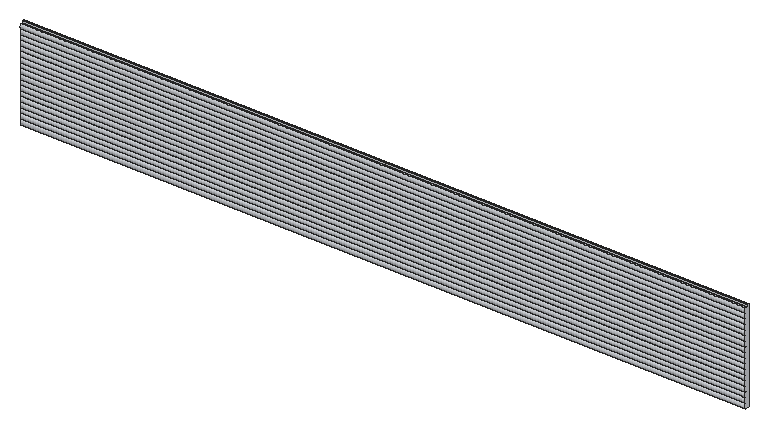
Revit family "OracDecor_WX210", category Обобщенные модели, Revit 2019
Family settings
  Может служить основой для арматурных стержней = Нет
  Размер круглого соединителя = Использовать диаметр
  Тип детали = Нормальный
  На основе рабочей плоскости = Нет
  Всегда вертикально = Да
  При загрузке вырезать с полостями = Нет
  Общий = Нет
  Точка расчета площади = Нет
Parameters
  Изготовитель = "Family from POCHERTEAM"  # constant formula
  URL = "t.me/pocherteam"
Reference planes
  plane 1 "По центру (Вперед/Назад)": y = 0
  plane 2: z = 0
  plane 3 "По центру (Влево/Вправо)": x = 0
Forms (mm)
  Extrusion 1, solid
    sketch origin (0, 0, 0) x (0, 1, 0) y (0, 0, 1)
      loop
        line (0, 0) -> (0, 255) -> (-3.41, 255) -> (-3.41, 250) -> (-7.801, 250)
        arc (-7.801, 250) -> (-12.147, 242.914) -> (-6.993, 236.391) r 7.261
        arc (-6.993, 236.391) -> (-12.16, 229.439) -> (-6.993, 222.486) r 7.261
        arc (-6.993, 222.486) -> (-12.16, 215.533) -> (-6.993, 208.58) r 7.261
        arc (-6.993, 208.58) -> (-12.16, 201.628) -> (-6.993, 194.675) r 7.261
        arc (-6.993, 194.675) -> (-12.16, 187.722) -> (-6.993, 180.77) r 7.261
        arc (-6.993, 180.77) -> (-12.16, 173.817) -> (-6.993, 166.864) r 7.261
        arc (-6.993, 166.864) -> (-12.16, 159.912) -> (-6.993, 152.959) r 7.261
        arc (-6.993, 152.959) -> (-12.16, 146.006) -> (-6.993, 139.054) r 7.261
        arc (-6.993, 139.054) -> (-12.16, 132.101) -> (-6.993, 125.148) r 7.261
        arc (-6.993, 125.148) -> (-12.16, 118.196) -> (-6.993, 111.243) r 7.261
        arc (-6.993, 111.243) -> (-12.16, 104.29) -> (-6.993, 97.338) r 7.261
        arc (-6.993, 97.338) -> (-12.16, 90.385) -> (-6.993, 83.432) r 7.261
        arc (-6.993, 83.432) -> (-12.16, 76.48) -> (-6.993, 69.527) r 7.261
        arc (-6.993, 69.527) -> (-12.16, 62.574) -> (-6.993, 55.621) r 7.261
        arc (-6.993, 55.621) -> (-12.16, 48.669) -> (-6.993, 41.716) r 7.261
        arc (-6.993, 41.716) -> (-12.16, 34.763) -> (-6.993, 27.811) r 7.261
        arc (-6.993, 27.811) -> (-12.16, 20.858) -> (-6.993, 13.905) r 7.261
        arc (-6.993, 13.905) -> (-12.16, 6.953) -> (-6.993, 0) r 7.261
        line (-6.993, 0) -> (0, 0)
    from 0 to 2000
Dimensions and locks
  Extrusion 1 to level = 255 mm  (x2)
  Extrusion 1 to plane 3 "По центру (Влево/Вправо)" = 2000 mm
  aligned and locked: level to plane 2
